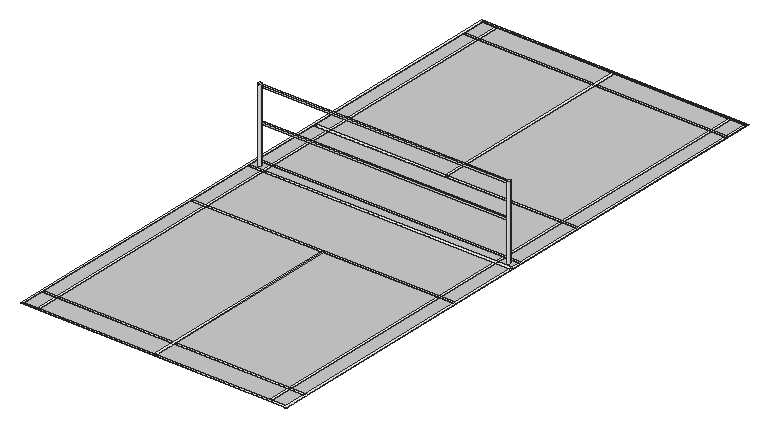
Revit family
Parameters (values of type "6000 x 13000 mm")
  Width = 6000 mm
  Pole Material = Steel
  Markings Finish = Paint
  Length = 13000 mm
  Height = 900 mm
  Ground Finish = Court
Reference planes
  plane 1 "Center (Front/Back)": y = 0
  plane 2: z = 0
  plane 3 "Center (Left/Right)": x = 0
  plane 4: x = -3000
  plane 5: x = 3000
  plane 6: y = 6500
  plane 7: y = -6500
  plane 8: z = 1650
  plane 9: z = 900
Forms (mm)
  Extrusion 1, solid, material "Court" <- "Ground Finish"
    sketch origin (0, 0, 0) x (1, 0, 0) y (0, 1, 0)
      loop
        line (-3000, 6500) -> (-3000, -6500) -> (3000, -6500) -> (3000, 6500) -> (-3000, 6500)
    from 0 to 2
  Extrusion 2, solid, material "Paint" <- "Markings Finish"
    sketch origin (0, 0, 0) x (1, 0, 0) y (0, 1, 0)
      loop
        line (-3000, 6500) -> (-3000, -6500) -> (3000, -6500) -> (3000, 6500) -> (-3000, 6500)
      loop
        line (-2950, 6450) -> (-2950, -6450) -> (2950, -6450) -> (2950, 6450) -> (-2950, 6450)
    from 2 to 4
  Extrusion 3, solid, material "Paint" <- "Markings Finish"
    sketch origin (0, 0, 0) x (1, 0, 0) y (0, 1, 0)
      loop
        line (-2950, 150) -> (-2950, 100) -> (2950, 100) -> (2950, 150) -> (-2950, 150)
      loop
        line (-2950, -150) -> (2950, -150) -> (2950, -100) -> (-2950, -100) -> (-2950, -150)
    from 2 to 4
  Extrusion 4, solid, material "Paint" <- "Markings Finish"
    sketch origin (0, 0, 0) x (1, 0, 0) y (0, 1, 0)
      loop
        line (-2950, 5950) -> (-2950, 5900) -> (2950, 5900) -> (2950, 5950) -> (-2950, 5950)
      loop
        line (-2950, -5950) -> (2950, -5950) -> (2950, -5900) -> (-2950, -5900) -> (-2950, -5950)
    from 2 to 4
  Extrusion 5, solid, material "Paint" <- "Markings Finish"
    sketch origin (0, 0, 0) x (1, 0, 0) y (0, 1, 0)
      loop
        line (-2600, 6450) -> (-2650, 6450) -> (-2650, -6450) -> (-2600, -6450) -> (-2600, 6450)
      loop
        line (2600, 6450) -> (2600, -6450) -> (2650, -6450) -> (2650, 6450) -> (2600, 6450)
    from 2 to 4
  Extrusion 6, solid, material "Paint" <- "Markings Finish"
    sketch origin (0, 0, 0) x (1, 0, 0) y (0, 1, 0)
      loop
        line (2950, 1750) -> (-2950, 1750) -> (-2950, 1700) -> (2950, 1700) -> (2950, 1750)
      loop
        line (2950, -1750) -> (2950, -1700) -> (-2950, -1700) -> (-2950, -1750) -> (2950, -1750)
    from 2 to 4
  Extrusion 7, solid, material "Paint" <- "Markings Finish"
    sketch origin (0, 0, 0) x (1, 0, 0) y (0, 1, 0)
      loop
        line (-25, 1750) -> (25, 1750) -> (25, 6450) -> (-25, 6450) -> (-25, 1750)
      loop
        line (-25, -1750) -> (-25, -6450) -> (25, -6450) -> (25, -1750) -> (-25, -1750)
    from 2 to 4
  Extrusion 8, solid, material "Steel" <- "Pole Material"
    sketch origin (0, 0, 0) x (1, 0, 0) y (0, 1, 0)
      loop
        circle (-2800, 0) r 40
      loop
        circle (2800, 0) r 40
    from 2 to 1650
  Extrusion 9, solid, material "Steel" <- "Pole Material"
    sketch origin (0, 0, 0) x (1, 0, 0) y (0, 1, 0)
      loop
        arc (-2762.919, 15) -> (-2760, 0) -> (-2762.919, -15) r 40
        line (-2762.919, -15) -> (2762.919, -15)
        arc (2762.919, -15) -> (2760, 0) -> (2762.919, 15) r 40
        line (2762.919, 15) -> (-2762.919, 15)
    from 1600 to 1650
  Extrusion 10, solid, material "Steel" <- "Pole Material"
    sketch origin (0, 0, 0) x (1, 0, 0) y (0, 1, 0)
      loop
        line (2762.919, 15) -> (-2762.919, 15)
        arc (-2762.919, 15) -> (-2760, 0) -> (-2762.919, -15) r 40
        line (-2762.919, -15) -> (2762.919, -15)
        arc (2762.919, -15) -> (2760, 0) -> (2762.919, 15) r 40
    from 850 to 900
Lines and regions (mm)
  symbolic lines
    curve 1: line (-2950, -6450, 0) -> (-2950, 6450, 0)
    curve 2: line (-3000, 6500, 0) -> (-3000, -6500, 0)
    curve 3: line (2950, 5950, 0) -> (-2950, 5950, 0)
    curve 4: line (-2950, 5900, 0) -> (2950, 5900, 0)
    curve 5: line (-2950, 6450, 0) -> (2950, 6450, 0)
    curve 6: line (3000, 6500, 0) -> (-3000, 6500, 0)
    curve 7: line (-2600, -6450, 0) -> (-2600, 6450, 0)
    curve 8: line (-2650, 6450, 0) -> (-2650, -6450, 0)
    curve 9: line (-25, 6450, 0) -> (-25, 1750, 0)
    curve 10: line (25, 1750, 0) -> (25, 6450, 0)
    curve 11: line (2650, -6450, 0) -> (2650, 6450, 0)
    curve 12: line (2600, 6450, 0) -> (2600, -6450, 0)
    curve 13: line (2950, 6450, 0) -> (2950, -6450, 0)
    curve 14: line (3000, -6500, 0) -> (3000, 6500, 0)
    curve 15: line (2950, 1750, 0) -> (-2950, 1750, 0)
    curve 16: line (-2950, 1700, 0) -> (2950, 1700, 0)
    curve 17: line (2950, 150, 0) -> (-2950, 150, 0)
    curve 18: line (-2950, 100, 0) -> (2950, 100, 0)
    curve 19: line (2950, -100, 0) -> (-2950, -100, 0)
    curve 20: line (-2950, -150, 0) -> (2950, -150, 0)
    curve 21: line (2762.919, 15, 0) -> (-2762.919, 15, 0)
    curve 22: line (-2762.919, -15, 0) -> (2762.919, -15, 0)
    curve 23: arc (-2760, 0, 0) -> (-2800, 40, 0) -> (-2840, 0, 0) r 40
    curve 24: arc (-2840, 0, 0) -> (-2800, -40, 0) -> (-2760, 0, 0) r 40
    curve 25: arc (2840, 0, 0) -> (2800, 40, 0) -> (2760, 0, 0) r 40
    curve 26: arc (2760, 0, 0) -> (2800, -40, 0) -> (2840, 0, 0) r 40
    curve 27: line (-2950, -1750, 0) -> (2950, -1750, 0)
    curve 28: line (2950, -1700, 0) -> (-2950, -1700, 0)
    curve 29: line (-25, -1750, 0) -> (-25, -6450, 0)
    curve 30: line (25, -6450, 0) -> (25, -1750, 0)
    curve 31: line (-2950, -5950, 0) -> (2950, -5950, 0)
    curve 32: line (2950, -5900, 0) -> (-2950, -5900, 0)
    curve 33: line (2950, -6450, 0) -> (-2950, -6450, 0)
    curve 34: line (-3000, -6500, 0) -> (3000, -6500, 0)
Dimensions and locks
  equal spacing: plane 7, plane 1 "Center (Front/Back)", plane 6
  "Length": plane 7 to plane 6
  equal spacing: plane 4, plane 3 "Center (Left/Right)", plane 5
  "Width": plane 4 to plane 5
  locked: plane 8 to level at 1650
  "Height": plane 9 to level
  aligned and locked: plane 4 to Extrusion 1 sketch curve
  aligned and locked: plane 6 to Extrusion 1 sketch curve
  aligned and locked: plane 7 to Extrusion 1 sketch curve
  aligned and locked: Extrusion 1 sketch curve to plane 5
  aligned and locked: Extrusion 2 sketch curve to Extrusion 1  (x3)
  aligned and locked: Extrusion 1 to Extrusion 2 sketch curve
  aligned and locked: Extrusion 2 to Extrusion 3 sketch curve  (x3)
  aligned and locked: Extrusion 3 sketch curve to Extrusion 2
  aligned and locked: Extrusion 2 to Extrusion 4 sketch curve  (x2)
  aligned and locked: Extrusion 2 to Extrusion 5 sketch curve  (x2)
  aligned and locked: Extrusion 2 to Extrusion 6 sketch curve  (x2)
  aligned and locked: Extrusion 2 to Extrusion 7 sketch curve
  aligned and locked: Extrusion 7 sketch curve to Extrusion 6
  aligned and locked: plane 8 to Extrusion 8
  aligned and locked: Extrusion 9 sketch curve to Extrusion 9 sketch curve
  aligned and locked: Extrusion 10 sketch curve to Extrusion 9  (x3)
  aligned and locked: plane 9 to Extrusion 10
Automatic sketch dimensions
  plane 4 to Extrusion 2 sketch curve = 50 mm
  Extrusion 2 sketch curve to plane 5 = 50 mm
  Extrusion 2 sketch curve to plane 7 = 50 mm
  plane 6 to Extrusion 2 sketch curve = 50 mm
  plane 1 "Center (Front/Back)" to Extrusion 3 sketch curve = 150 mm
  Extrusion 3 sketch curve to Extrusion 3 sketch curve = 50 mm  (x2)
  Extrusion 3 sketch curve to plane 1 "Center (Front/Back)" = 100 mm
  plane 4 to Extrusion 4 sketch curve = 50 mm
  Extrusion 4 sketch curve to plane 5 = 50 mm
  Extrusion 4 sketch curve to plane 7 = 550 mm
  Extrusion 4 sketch curve to Extrusion 4 sketch curve = 50 mm  (x2)
  plane 6 to Extrusion 4 sketch curve = 600 mm
  plane 4 to Extrusion 5 sketch curve = 350 mm
  Extrusion 5 sketch curve to Extrusion 5 sketch curve = 50 mm  (x2)
  plane 6 to Extrusion 5 sketch curve = 50 mm
  Extrusion 5 sketch curve to plane 5 = 400 mm
  Extrusion 5 sketch curve to plane 7 = 50 mm
  plane 4 to Extrusion 6 sketch curve = 50 mm
  Extrusion 6 sketch curve to plane 5 = 50 mm
  plane 1 "Center (Front/Back)" to Extrusion 6 sketch curve = 1750 mm
  Extrusion 6 sketch curve to Extrusion 6 sketch curve = 50 mm  (x2)
  Extrusion 6 sketch curve to plane 1 "Center (Front/Back)" = 1700 mm
  Extrusion 7 sketch curve to plane 3 "Center (Left/Right)" = 25 mm  (x2)
  plane 3 "Center (Left/Right)" to Extrusion 7 sketch curve = 25 mm  (x2)
  plane 1 "Center (Front/Back)" to Extrusion 7 sketch curve = 1750 mm
  Extrusion 7 sketch curve to plane 7 = 50 mm
  Extrusion 8 sketch curve to plane 1 "Center (Front/Back)" = 0 mm  (x2)
  plane 4 to Extrusion 8 sketch curve = 200 mm
  Extrusion 8 sketch curve to plane 5 = 200 mm
  Extrusion 9 sketch curve to plane 1 "Center (Front/Back)" = 0 mm  (x2)
  plane 4 to Extrusion 9 sketch curve = 200 mm
  Extrusion 9 sketch curve to plane 1 "Center (Front/Back)" = 15 mm
  Extrusion 9 sketch curve to Extrusion 9 sketch curve = 37.081 mm  (x2)
  Extrusion 9 sketch curve to plane 5 = 237.081 mm
  plane 1 "Center (Front/Back)" to Extrusion 9 sketch curve = 15 mm
  Extrusion 10 sketch curve to Extrusion 10 sketch curve = 0 mm
  curve 6 to plane 4 = 0 mm
  curve 23 to plane 1 "Center (Front/Back)" = 0 mm
  curve 26 to plane 1 "Center (Front/Back)" = 0 mm
  curve 14 to plane 5 = 0 mm
  curve 34 to plane 7 = 0 mm
  curve 14 to plane 6 = 0 mm
  plane 4 to curve 1 = 50 mm
  curve 18 to curve 23 = 110 mm
  curve 23 to curve 24 = 40 mm
  curve 21 to plane 1 "Center (Front/Back)" = 15 mm
  plane 1 "Center (Front/Back)" to curve 22 = 15 mm
  plane 6 to curve 8 = 50 mm
  curve 1 to curve 8 = 300 mm
  curve 8 to curve 7 = 50 mm
  curve 9 to plane 3 "Center (Left/Right)" = 25 mm
  curve 29 to plane 3 "Center (Left/Right)" = 25 mm
  plane 3 "Center (Left/Right)" to curve 10 = 25 mm
  plane 3 "Center (Left/Right)" to curve 30 = 25 mm
  curve 12 to plane 5 = 400 mm
  curve 12 to curve 11 = 50 mm
  curve 26 to plane 5 = 240 mm
  curve 26 to curve 22 = 2.919 mm
  curve 15 to plane 5 = 50 mm
  curve 33 to plane 7 = 50 mm
  curve 13 to curve 31 = 500 mm
  curve 31 to curve 32 = 50 mm
  curve 27 to curve 22 = 1735 mm
  curve 27 to curve 28 = 50 mm
  plane 1 "Center (Front/Back)" to curve 20 = 150 mm
  curve 20 to curve 19 = 50 mm
  curve 18 to plane 1 "Center (Front/Back)" = 100 mm
  curve 18 to curve 17 = 50 mm
  curve 17 to curve 16 = 1550 mm
  curve 16 to curve 15 = 50 mm
  curve 4 to curve 1 = 550 mm
  curve 4 to curve 3 = 50 mm
  radius of Extrusion 8 sketch curve = 40 mm  (x2)
